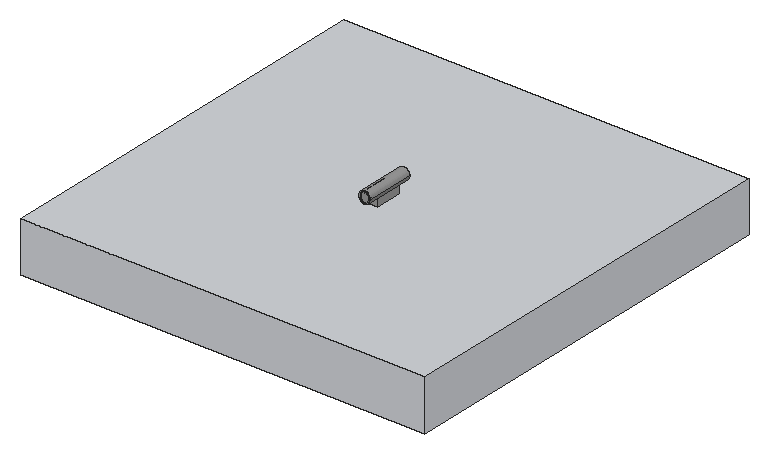
Revit family "LAMP_LUP WALL 70 DIRECT", category Luminarias, Revit 2018 (continued)
Types (2, lengths in mm): name | built-in parameter 1150107 | Product datasheet | Product code | built-in parameter 1150142 | built-in parameter 1150105 | built-in parameter 1150106 | Lumens | built-in parameter 1150104 | Efficacy | Archivo de red fotométrica
    \n0.00 0.00 0.00 0.00 0.00 0.00 0.00 0.00 0.00 0.00 0.00 \r\n0.00 0.00 0.00 0.00 0.00 0.00 0.00 0.00 0.00 0.00 \r\n482.70 378.45 292.87 214.26 145.20 93.13 57.11 49.12 \r\n45.43 45.31 46.28 46.56 45.75 43.20 39.54 35.06 30.69 \r\n26.88 23.76 21.54 19.53 17.59 15.18 13.14 11.50 9.99 8.66 \r\n7.50 6.72 5.85 4.92 4.28 3.84 3.55 3.30 3.05 2.80 2.56 \r\n2.30 2.01 1.57 1.08 0.60 0.32 0.16 0.00 0.00 0.00 0.00 \r\n0.00 0.00 0.00 0.00 0.00 0.00 0.00 0.00 0.00 0.00 0.00 \r\n0.00 0.00 0.00 0.00 0.00 0.00 0.00 0.00 0.00 0.00 0.00 \r\n0.00 0.00 0.00 0.00 0.00 0.00 0.00 0.00 0.00 0.00 0.00 \r\n0.00 0.00 0.00 0.00 0.00 0.00 0.00 0.00 0.00 \r\n482.70 378.17 292.37 213.59 144.60 92.39 57.05 48.84 \r\n45.36 45.27 46.25 46.52 45.70 43.09 39.42 34.95 30.56 \r\n26.76 23.63 21.43 19.43 17.48 15.10 13.07 11.47 9.97 8.65 \r\n7.50 6.70 5.82 4.89 4.28 3.84 3.56 3.30 3.05 2.80 2.55 \r\n2.29 2.01 1.56 1.08 0.60 0.32 0.16 0.00 0.00 0.00 0.00 \r\n0.00 0.00 0.00 0.00 0.00 0.00 0.00 0.00 0.00 0.00 0.00 \r\n0.00 0.00 0.00 0.00 0.00 0.00 0.00 0.00 0.00 0.00 0.00 \r\n0.00 0.00 0.00 0.00 0.00 0.00 0.00 0.00 0.00 0.00 0.00 \r\n0.00 0.00 0.00 0.00 0.00 0.00 0.00 0.00 0.00 \r\n482.70 377.99 292.06 213.15 144.10 91.98 57.01 48.67 \r\n45.29 45.24 46.23 46.48 45.64 42.99 39.32 34.84 30.43 \r\n26.63 23.50 21.33 19.32 17.38 15.00 13.00 11.43 9.95 8.64 \r\n7.49 6.69 5.80 4.86 4.26 3.84 3.56 3.30 3.05 2.80 2.56 \r\n2.29 2.00 1.56 1.07 0.59 0.32 0.16 0.00 0.00 0.00 0.00 \r\n0.00 0.00 0.00 0.00 0.00 0.00 0.00 0.00 0.00 0.00 0.00 \r\n0.00 0.00 0.00 0.00 0.00 0.00 0.00 0.00 0.00 0.00 0.00 \r\n0.00 0.00 0.00 0.00 0.00 0.00 0.00 0.00 0.00 0.00 0.00 \r\n0.00 0.00 0.00 0.00 0.00 0.00 0.00 0.00 0.00 \r\n482.70 377.93 291.96 213.02 143.93 91.86 56.97 48.63 \r\n45.28 45.24 46.22 46.46 45.61 42.95 39.26 34.79 30.36 \r\n26.55 23.43 21.26 19.25 17.31 14.94 12.95 11.40 9.93 8.63 \r\n7.49 6.67 5.79 4.84 4.26 3.84 3.56 3.30 3.05 2.80 2.56 \r\n2.29 2.00 1.55 1.06 0.59 0.32 0.16 0.00 0.00 0.00 0.00 \r\n0.00 0.00 0.00 0.00 0.00 0.00 0.00 0.00 0.00 0.00 0.00 \r\n0.00 0.00 0.00 0.00 0.00 0.00 0.00 0.00 0.00 0.00 0.00 \r\n0.00 0.00 0.00 0.00 0.00 0.00 0.00 0.00 0.00 0.00 0.00 \r\n0.00 0.00 0.00 0.00 0.00 0.00 0.00 0.00 0.00 \r\n482.70 377.99 292.06 213.15 144.10 91.98 57.01 48.67 \r\n45.29 45.24 46.23 46.48 45.64 42.99 39.32 34.84 30.43 \r\n26.63 23.50 21.33 19.32 17.38 15.00 13.00 11.43 9.95 8.64 \r\n7.49 6.69 5.80 4.86 4.26 3.84 3.56 3.30 3.05 2.80 2.56 \r\n2.29 2.00 1.56 1.07 0.59 0.32 0.16 0.00 0.00 0.00 0.00 \r\n0.00 0.00 0.00 0.00 0.00 0.00 0.00 0.00 0.00 0.00 0.00 \r\n0.00 0.00 0.00 0.00 0.00 0.00 0.00 0.00 0.00 0.00 0.00 \r\n0.00 0.00 0.00 0.00 0.00 0.00 0.00 0.00 0.00 0.00 0.00 \r\n0.00 0.00 0.00 0.00 0.00 0.00 0.00 0.00 0.00 \r\n482.70 378.17 292.37 213.59 144.60 92.39 57.05 48.84 \r\n45.36 45.27 46.25 46.52 45.70 43.09 39.42 34.95 30.56 \r\n26.76 23.63 21.43 19.43 17.48 15.10 13.07 11.47 9.97 8.65 \r\n7.50 6.70 5.82 4.89 4.28 3.84 3.56 3.30 3.05 2.80 2.55 \r\n2.29 2.01 1.56 1.08 0.60 0.32 0.16 0.00 0.00 0.00 0.00 \r\n0.00 0.00 0.00 0.00 0.00 0.00 0.00 0.00 0.00 0.00 0.00 \r\n0.00 0.00 0.00 0.00 0.00 0.00 0.00 0.00 0.00 0.00 0.00 \r\n0.00 0.00 0.00 0.00 0.00 0.00 0.00 0.00 0.00 0.00 0.00 \r\n0.00 0.00 0.00 0.00 0.00 0.00 0.00 0.00 0.00 \r\n482.70 378.45 292.87 214.26 145.20 93.13 57.11 49.12 \r\n45.43 45.31 46.28 46.56 45.75 43.20 39.54 35.06 30.69 \r\n26.88 23.76 21.54 19.53 17.59 15.18 13.14 11.50 9.99 8.66 \r\n7.50 6.72 5.85 4.92 4.28 3.84 3.55 3.30 3.05 2.80 2.56 \r\n2.30 2.01 1.57 1.08 0.60 0.32 0.16 0.00 0.00 0.00 0.00 \r\n0.00 0.00 0.00 0.00 0.00 0.00 0.00 0.00 0.00 0.00 0.00 \r\n0.00 0.00 0.00 0.00 0.00 0.00 0.00 0.00 0.00 0.00 0.00 \r\n0.00 0.00 0.00 0.00 0.00 0.00 0.00 0.00 0.00 0.00 0.00 \r\n0.00 0.00 0.00 0.00 0.00 0.00 0.00 0.00 0.00 \r\n482.70 378.85 293.57 215.08 146.11 94.11 57.21 49.38 \r\n45.50 45.35 46.30 46.61 45.81 43.29 39.65 35.16 30.81 \r\n27.00 23.88 21.65 19.63 17.71 15.27 13.20 11.53 10.01 \r\n8.67 7.53 6.74 5.88 4.95 4.29 3.84 3.55 3.30 3.04 2.80 \r\n2.56 2.30 2.01 1.58 1.09 0.60 0.32 0.17 0.00 0.00 0.00 \r\n0.00 0.00 0.00 0.00 0.00 0.00 0.00 0.00 0.00 0.00 0.00 \r\n0.00 0.00 0.00 0.00 0.00 0.00 0.00 0.00 0.00 0.00 0.00 \r\n0.00 0.00 0.00 0.00 0.00 0.00 0.00 0.00 0.00 0.00 0.00 \r\n0.00 0.00 0.00 0.00 0.00 0.00 0.00 0.00 0.00 0.00 \r\n482.70 379.36 294.48 216.20 147.36 95.30 58.09 49.63 \r\n45.59 45.37 46.32 46.65 45.89 43.39 39.77 35.27 30.93 \r\n27.13 23.97 21.76 19.74 17.80 15.36 13.27 11.57 10.03 \r\n8.68 7.55 6.75 5.90 4.97 4.30 3.84 3.55 3.29 3.04 2.80 \r\n2.56 2.30 2.01 1.58 1.10 0.61 0.33 0.17 0.00 0.00 0.00 \r\n0.00 0.00 0.00 0.00 0.00 0.00 0.00 0.00 0.00 0.00 0.00 \r\n0.00 0.00 0.00 0.00 0.00 0.00 0.00 0.00 0.00 0.00 0.00 \r\n0.00 0.00 0.00 0.00 0.00 0.00 0.00 0.00 0.00 0.00 0.00 \r\n0.00 0.00 0.00 0.00 0.00 0.00 0.00 0.00 0.00 0.00 \r\n482.70 379.99 295.58 217.61 148.93 96.38 59.52 49.97 \r\n45.65 45.39 46.35 46.69 46.02 43.48 39.88 35.40 31.05 \r\n27.26 24.01 21.87 19.85 17.89 15.45 13.34 11.62 10.05 \r\n8.69 7.56 6.77 5.92 4.98 4.32 3.84 3.55 3.29 3.04 2.80 \r\n2.56 2.31 2.02 1.59 1.11 0.61 0.33 0.17 0.00 0.00 0.00 \r\n0.00 0.00 0.00 0.00 0.00 0.00 0.00 0.00 0.00 0.00 0.00 \r\n0.00 0.00 0.00 0.00 0.00 0.00 0.00 0.00 0.00 0.00 0.00 \r\n0.00 0.00 0.00 0.00 0.00 0.00 0.00 0.00 0.00 0.00 0.00 \r\n0.00 0.00 0.00 0.00 0.00 0.00 0.00 0.00 0.00 0.00 \r\n482.70 380.73 296.88 219.31 150.92 97.77 61.26 50.43 \r\n45.74 45.38 46.37 46.74 46.21 43.58 39.99 35.52 31.18 \r\n27.38 24.19 21.99 19.96 18.01 15.54 13.41 11.65 10.06 \r\n8.70 7.55 6.79 5.94 5.03 4.33 3.84 3.54 3.29 3.04 2.80 \r\n2.56 2.31 2.02 1.59 1.11 0.62 0.34 0.17 0.00 0.00 0.00 \r\n0.00 0.00 0.00 0.00 0.00 0.00 0.00 0.00 0.00 0.00 0.00 \r\n0.00 0.00 0.00 0.00 0.00 0.00 0.00 0.00 0.00 0.00 0.00 \r\n0.00 0.00 0.00 0.00 0.00 0.00 0.00 0.00 0.00 0.00 0.00 \r\n0.00 0.00 0.00 0.00 0.00 0.00 0.00 0.00 0.00 0.00 \r\n482.70 381.58 298.38 221.30 153.30 99.54 63.90 51.07 \r\n45.92 45.35 46.39 46.77 46.25 43.70 40.14 35.69 31.39 \r\n27.59 24.42 22.17 20.13 18.16 15.68 13.53 11.72 10.10 \r\n8.71 7.58 6.80 5.97 5.07 4.35 3.84 3.54 3.28 3.03 2.79 \r\n2.55 2.30 2.02 1.59 1.12 0.62 0.34 0.17 0.00 0.00 0.00 \r\n0.00 0.00 0.00 0.00 0.00 0.00 0.00 0.00 0.00 0.00 0.00 \r\n0.00 0.00 0.00 0.00 0.00 0.00 0.00 0.00 0.00 0.00 0.00 \r\n0.00 0.00 0.00 0.00 0.00 0.00 0.00 0.00 0.00 0.00 0.00 \r\n0.00 0.00 0.00 0.00 0.00 0.00 0.00 0.00 0.00 0.00 \r\n482.70 382.52 300.07 223.66 156.07 102.26 66.61 51.93 \r\n46.15 45.41 46.41 46.78 46.22 43.85 40.33 35.91 31.67 \r\n27.91 24.64 22.44 20.38 18.38 15.87 13.67 11.81 10.15 \r\n8.73 7.59 6.82 5.99 5.11 4.37 3.85 3.52 3.27 3.01 2.77 \r\n2.54 2.29 2.01 1.59 1.12 0.62 0.34 0.17 0.00 0.00 0.00 \r\n0.00 0.00 0.00 0.00 0.00 0.00 0.00 0.00 0.00 0.00 0.00 \r\n0.00 0.00 0.00 0.00 0.00 0.00 0.00 0.00 0.00 0.00 0.00 \r\n0.00 0.00 0.00 0.00 0.00 0.00 0.00 0.00 0.00 0.00 0.00 \r\n0.00 0.00 0.00 0.00 0.00 0.00 0.00 0.00 0.00 0.00 \r\n482.70 383.53 301.96 226.28 159.22 105.45 69.12 53.04 \r\n46.38 45.57 46.42 46.80 46.28 43.99 40.53 36.17 31.96 \r\n28.22 25.01 22.71 20.61 18.61 16.07 13.82 11.91 10.20 \r\n8.76 7.60 6.84 6.02 5.15 4.39 3.85 3.51 3.25 3.00 2.76 \r\n2.53 2.28 2.01 1.59 1.12 0.62 0.34 0.17 0.00 0.00 0.00 \r\n0.00 0.00 0.00 0.00 0.00 0.00 0.00 0.00 0.00 0.00 0.00 \r\n0.00 0.00 0.00 0.00 0.00 0.00 0.00 0.00 0.00 0.00 0.00 \r\n0.00 0.00 0.00 0.00 0.00 0.00 0.00 0.00 0.00 0.00 0.00 \r\n0.00 0.00 0.00 0.00 0.00 0.00 0.00 0.00 0.00 0.00 \r\n482.70 384.67 304.03 229.08 162.33 108.94 71.13 54.11 \r\n46.65 45.70 46.43 46.82 46.47 44.13 40.72 36.41 32.26 \r\n28.52 25.28 22.98 20.85 18.82 16.26 13.97 11.99 10.25 \r\n8.78 7.63 6.85 6.05 5.20 4.42 3.86 3.50 3.23 2.98 2.74 \r\n2.52 2.27 2.01 1.58 1.12 0.63 0.34 0.17 0.00 0.00 0.00 \r\n0.00 0.00 0.00 0.00 0.00 0.00 0.00 0.00 0.00 0.00 0.00 \r\n0.00 0.00 0.00 0.00 0.00 0.00 0.00 0.00 0.00 0.00 0.00 \r\n0.00 0.00 0.00 0.00 0.00 0.00 0.00 0.00 0.00 0.00 0.00 \r\n0.00 0.00 0.00 0.00 0.00 0.00 0.00 0.00 0.00 0.00 \r\n482.70 385.90 306.29 232.07 165.53 112.44 72.91 55.13 \r\n46.87 45.77 46.45 46.84 46.50 44.28 40.93 36.64 32.53 \r\n28.84 25.59 23.24 21.09 19.03 16.45 14.12 12.09 10.30 \r\n8.81 7.63 6.87 6.08 5.24 4.45 3.86 3.48 3.21 2.96 2.73 \r\n2.50 2.26 1.99 1.58 1.12 0.64 0.34 0.17 0.00 0.00 0.00 \r\n0.00 0.00 0.00 0.00 0.00 0.00 0.00 0.00 0.00 0.00 0.00 \r\n0.00 0.00 0.00 0.00 0.00 0.00 0.00 0.00 0.00 0.00 0.00 \r\n0.00 0.00 0.00 0.00 0.00 0.00 0.00 0.00 0.00 0.00 0.00 \r\n0.00 0.00 0.00 0.00 0.00 0.00 0.00 0.00 0.00 0.00 \r\n482.70 387.24 308.71 235.23 169.16 115.65 74.62 56.57 \r\n47.12 45.72 46.46 46.85 46.50 44.42 41.13 36.89 32.83 \r\n29.14 25.87 23.51 21.34 19.27 16.64 14.27 12.19 10.35 \r\n8.84 7.63 6.89 6.11 5.28 4.47 3.87 3.47 3.20 2.95 2.71 \r\n2.49 2.24 1.97 1.57 1.12 0.65 0.34 0.18 0.00 0.00 0.00 \r\n0.00 0.00 0.00 0.00 0.00 0.00 0.00 0.00 0.00 0.00 0.00 \r\n0.00 0.00 0.00 0.00 0.00 0.00 0.00 0.00 0.00 0.00 0.00 \r\n0.00 0.00 0.00 0.00 0.00 0.00 0.00 0.00 0.00 0.00 0.00 \r\n0.00 0.00 0.00 0.00 0.00 0.00 0.00 0.00 0.00 0.00 \r\n482.70 388.68 311.26 238.55 173.17 119.24 78.08 58.01 \r\n47.56 45.85 46.49 46.87 46.69 44.56 41.32 37.10 33.12 \r\n29.45 26.19 23.78 21.58 19.48 16.84 14.42 12.28 10.41 \r\n8.86 7.67 6.90 6.14 5.33 4.50 3.87 3.46 3.19 2.93 2.69 \r\n2.47 2.23 1.96 1.57 1.12 0.66 0.35 0.18 0.00 0.00 0.00 \r\n0.00 0.00 0.00 0.00 0.00 0.00 0.00 0.00 0.00 0.00 0.00 \r\n0.00 0.00 0.00 0.00 0.00 0.00 0.00 0.00 0.00 0.00 0.00 \r\n0.00 0.00 0.00 0.00 0.00 0.00 0.00 0.00 0.00 0.00 0.00 \r\n0.00 0.00 0.00 0.00 0.00 0.00 0.00 0.00 0.00 0.00 \r\n482.70 390.22 314.01 242.27 177.60 123.22 82.53 60.13 \r\n48.56 46.37 46.66 46.95 46.70 44.71 41.54 37.38 33.43 \r\n29.80 26.49 24.06 21.84 19.70 17.04 14.58 12.39 10.47 \r\n8.89 7.69 6.92 6.17 5.38 4.52 3.88 3.44 3.17 2.92 2.68 \r\n2.46 2.22 1.95 1.57 1.12 0.66 0.35 0.18 0.00 0.00 0.00 \r\n0.00 0.00 0.00 0.00 0.00 0.00 0.00 0.00 0.00 0.00 0.00 \r\n0.00 0.00 0.00 0.00 0.00 0.00 0.00 0.00 0.00 0.00 0.00 \r\n0.00 0.00 0.00 0.00 0.00 0.00 0.00 0.00 0.00 0.00 0.00 \r\n0.00 0.00 0.00 0.00 0.00 0.00 0.00 0.00 0.00 0.00 \r\n482.70 391.92 316.93 246.59 182.56 128.18 87.74 63.13 \r\n50.44 47.03 46.99 47.12 46.77 44.87 41.78 37.70 33.84 \r\n30.25 26.99 24.52 22.23 20.03 17.31 14.81 12.59 10.62 \r\n8.99 7.73 6.95 6.19 5.41 4.58 3.92 3.47 3.16 2.89 2.65 \r\n2.44 2.21 1.95 1.56 1.12 0.65 0.35 0.18 0.00 0.00 0.00 \r\n0.00 0.00 0.00 0.00 0.00 0.00 0.00 0.00 0.00 0.00 0.00 \r\n0.00 0.00 0.00 0.00 0.00 0.00 0.00 0.00 0.00 0.00 0.00 \r\n0.00 0.00 0.00 0.00 0.00 0.00 0.00 0.00 0.00 0.00 0.00 \r\n0.00 0.00 0.00 0.00 0.00 0.00 0.00 0.00 0.00 0.00 \r\n482.70 393.78 320.05 251.37 187.86 134.36 93.40 67.36 \r\n52.93 47.77 47.49 47.35 47.02 45.04 42.04 38.07 34.28 \r\n30.75 27.51 24.98 22.64 20.37 17.59 15.05 12.79 10.78 \r\n9.10 7.78 6.98 6.22 5.44 4.62 3.97 3.49 3.15 2.86 2.63 \r\n2.43 2.19 1.93 1.56 1.12 0.64 0.35 0.18 0.00 0.00 0.00 \r\n0.00 0.00 0.00 0.00 0.00 0.00 0.00 0.00 0.00 0.00 0.00 \r\n0.00 0.00 0.00 0.00 0.00 0.00 0.00 0.00 0.00 0.00 0.00 \r\n0.00 0.00 0.00 0.00 0.00 0.00 0.00 0.00 0.00 0.00 0.00 \r\n0.00 0.00 0.00 0.00 0.00 0.00 0.00 0.00 0.00 0.00 \r\n482.70 395.76 323.33 256.28 193.46 140.76 98.70 72.18 \r\n55.64 49.16 47.99 47.58 47.02 45.21 42.29 38.42 34.72 \r\n31.24 28.00 25.46 23.06 20.72 17.87 15.28 12.99 10.94 \r\n9.21 7.84 7.01 6.24 5.47 4.67 4.02 3.50 3.14 2.84 2.61 \r\n2.41 2.18 1.91 1.55 1.12 0.63 0.35 0.17 0.00 0.00 0.00 \r\n0.00 0.00 0.00 0.00 0.00 0.00 0.00 0.00 0.00 0.00 0.00 \r\n0.00 0.00 0.00 0.00 0.00 0.00 0.00 0.00 0.00 0.00 0.00 \r\n0.00 0.00 0.00 0.00 0.00 0.00 0.00 0.00 0.00 0.00 0.00 \r\n0.00 0.00 0.00 0.00 0.00 0.00 0.00 0.00 0.00 0.00 \r\n482.70 397.85 326.80 261.31 199.39 147.33 104.75 76.68 \r\n58.22 50.00 48.47 47.83 47.18 45.38 42.55 38.78 35.15 \r\n31.72 28.50 25.93 23.46 21.06 18.15 15.52 13.19 11.10 \r\n9.32 7.89 7.04 6.26 5.50 4.72 4.06 3.53 3.13 2.82 2.58 \r\n2.39 2.17 1.91 1.55 1.12 0.64 0.35 0.17 0.00 0.00 0.00 \r\n0.00 0.00 0.00 0.00 0.00 0.00 0.00 0.00 0.00 0.00 0.00 \r\n0.00 0.00 0.00 0.00 0.00 0.00 0.00 0.00 0.00 0.00 0.00 \r\n0.00 0.00 0.00 0.00 0.00 0.00 0.00 0.00 0.00 0.00 0.00 \r\n0.00 0.00 0.00 0.00 0.00 0.00 0.00 0.00 0.00 0.00 \r\n482.70 400.04 330.43 266.46 205.54 153.42 111.45 80.67 \r\n61.00 50.48 48.99 48.04 47.25 45.55 42.80 39.13 35.59 \r\n32.22 29.04 26.40 23.88 21.38 18.43 15.75 13.39 11.25 \r\n9.43 7.93 7.08 6.29 5.54 4.77 4.11 3.56 3.12 2.79 2.56 \r\n2.37 2.15 1.89 1.55 1.12 0.65 0.35 0.17 0.00 0.00 0.00 \r\n0.00 0.00 0.00 0.00 0.00 0.00 0.00 0.00 0.00 0.00 0.00 \r\n0.00 0.00 0.00 0.00 0.00 0.00 0.00 0.00 0.00 0.00 0.00 \r\n0.00 0.00 0.00 0.00 0.00 0.00 0.00 0.00 0.00 0.00 0.00 \r\n0.00 0.00 0.00 0.00 0.00 0.00 0.00 0.00 0.00 0.00 \r\n482.70 402.34 334.23 271.70 211.50 159.40 117.69 85.53 \r\n63.70 52.09 49.44 48.30 47.38 45.72 43.06 39.48 36.02 \r\n32.70 29.55 26.87 24.29 21.72 18.72 15.99 13.60 11.41 \r\n9.53 8.00 7.11 6.31 5.56 4.82 4.16 3.58 3.11 2.76 2.54 \r\n2.35 2.14 1.88 1.54 1.11 0.65 0.35 0.17 0.00 0.00 0.00 \r\n0.00 0.00 0.00 0.00 0.00 0.00 0.00 0.00 0.00 0.00 0.00 \r\n0.00 0.00 0.00 0.00 0.00 0.00 0.00 0.00 0.00 0.00 0.00 \r\n0.00 0.00 0.00 0.00 0.00 0.00 0.00 0.00 0.00 0.00 0.00 \r\n0.00 0.00 0.00 0.00 0.00 0.00 0.00 0.00 0.00 0.00 \r\n482.70 404.75 338.19 277.14 218.09 166.61 123.47 90.99 \r\n67.07 52.58 50.31 48.51 47.49 45.89 43.31 39.84 36.46 \r\n33.20 30.06 27.35 24.70 22.06 18.99 16.23 13.80 11.57 \r\n9.64 8.03 7.13 6.34 5.60 4.88 4.21 3.60 3.10 2.74 2.52 \r\n2.34 2.13 1.87 1.54 1.11 0.65 0.34 0.17 0.00 0.00 0.00 \r\n0.00 0.00 0.00 0.00 0.00 0.00 0.00 0.00 0.00 0.00 0.00 \r\n0.00 0.00 0.00 0.00 0.00 0.00 0.00 0.00 0.00 0.00 0.00 \r\n0.00 0.00 0.00 0.00 0.00 0.00 0.00 0.00 0.00 0.00 0.00 \r\n0.00 0.00 0.00 0.00 0.00 0.00 0.00 0.00 0.00 0.00 \r\n482.70 407.26 342.70 282.93 225.29 174.88 131.59 98.19 \r\n73.59 57.28 53.23 50.57 48.32 46.52 43.76 40.30 36.99 \r\n33.77 30.69 27.93 25.21 22.47 19.29 16.45 13.97 11.71 \r\n9.76 8.13 7.23 6.41 5.66 4.93 4.25 3.64 3.12 2.74 2.50 \r\n2.32 2.11 1.86 1.53 1.11 0.64 0.34 0.17 0.00 0.00 0.00 \r\n0.00 0.00 0.00 0.00 0.00 0.00 0.00 0.00 0.00 0.00 0.00 \r\n0.00 0.00 0.00 0.00 0.00 0.00 0.00 0.00 0.00 0.00 0.00 \r\n0.00 0.00 0.00 0.00 0.00 0.00 0.00 0.00 0.00 0.00 0.00 \r\n0.00 0.00 0.00 0.00 0.00 0.00 0.00 0.00 0.00 0.00 \r\n482.70 409.87 347.44 289.06 233.09 183.95 142.35 107.94 \r\n82.36 65.96 59.10 53.69 50.22 47.47 44.44 40.88 37.59 \r\n34.45 31.44 28.63 25.81 22.95 19.63 16.67 14.12 11.84 \r\n9.90 8.33 7.39 6.54 5.75 5.00 4.30 3.69 3.17 2.77 2.50 \r\n2.30 2.08 1.84 1.51 1.10 0.65 0.34 0.17 0.00 0.00 0.00 \r\n0.00 0.00 0.00 0.00 0.00 0.00 0.00 0.00 0.00 0.00 0.00 \r\n0.00 0.00 0.00 0.00 0.00 0.00 0.00 0.00 0.00 0.00 0.00 \r\n0.00 0.00 0.00 0.00 0.00 0.00 0.00 0.00 0.00 0.00 0.00 \r\n0.00 0.00 0.00 0.00 0.00 0.00 0.00 0.00 0.00 0.00 \r\n482.70 412.57 352.30 295.85 241.49 193.40 152.76 118.77 \r\n92.20 73.62 64.45 57.56 51.87 48.50 45.10 41.46 38.20 \r\n35.12 32.19 29.33 26.42 23.42 19.97 16.89 14.25 11.97 \r\n10.04 8.47 7.55 6.68 5.84 5.06 4.35 3.75 3.22 2.80 2.50 \r\n2.28 2.06 1.82 1.50 1.10 0.65 0.34 0.17 0.00 0.00 0.00 \r\n0.00 0.00 0.00 0.00 0.00 0.00 0.00 0.00 0.00 0.00 0.00 \r\n0.00 0.00 0.00 0.00 0.00 0.00 0.00 0.00 0.00 0.00 0.00 \r\n0.00 0.00 0.00 0.00 0.00 0.00 0.00 0.00 0.00 0.00 0.00 \r\n0.00 0.00 0.00 0.00 0.00 0.00 0.00 0.00 0.00 0.00 \r\n482.70 415.36 357.30 302.78 250.11 203.01 162.84 129.07 \r\n102.21 82.54 70.40 60.74 53.54 49.52 45.75 42.05 38.81 \r\n35.79 32.94 30.03 27.02 23.90 20.30 17.12 14.39 12.09 \r\n10.17 8.65 7.70 6.81 5.93 5.12 4.40 3.79 3.26 2.82 2.50 \r\n2.26 2.03 1.81 1.48 1.09 0.64 0.34 0.17 0.00 0.00 0.00 \r\n0.00 0.00 0.00 0.00 0.00 0.00 0.00 0.00 0.00 0.00 0.00 \r\n0.00 0.00 0.00 0.00 0.00 0.00 0.00 0.00 0.00 0.00 0.00 \r\n0.00 0.00 0.00 0.00 0.00 0.00 0.00 0.00 0.00 0.00 0.00 \r\n0.00 0.00 0.00 0.00 0.00 0.00 0.00 0.00 0.00 0.00 \r\n482.70 418.24 362.42 309.81 258.59 212.88 173.44 139.53 \r\n111.99 90.51 76.06 64.44 55.39 50.52 46.41 42.62 39.41 \r\n36.46 33.69 30.73 27.62 24.37 20.63 17.33 14.54 12.22 \r\n10.30 8.81 7.86 6.94 6.02 5.17 4.45 3.84 3.31 2.85 2.50 \r\n2.25 2.01 1.78 1.47 1.08 0.63 0.34 0.17 0.00 0.00 0.00 \r\n0.00 0.00 0.00 0.00 0.00 0.00 0.00 0.00 0.00 0.00 0.00 \r\n0.00 0.00 0.00 0.00 0.00 0.00 0.00 0.00 0.00 0.00 0.00 \r\n0.00 0.00 0.00 0.00 0.00 0.00 0.00 0.00 0.00 0.00 0.00 \r\n0.00 0.00 0.00 0.00 0.00 0.00 0.00 0.00 0.00 0.00 \r\n482.70 421.20 367.65 316.92 267.28 222.77 183.99 150.25 \r\n121.85 99.12 81.76 67.85 56.70 51.52 47.07 43.21 40.03 \r\n37.13 34.43 31.43 28.23 24.83 20.97 17.56 14.68 12.34 \r\n10.43 8.97 8.02 7.07 6.11 5.24 4.50 3.90 3.35 2.88 2.49 \r\n2.23 1.
